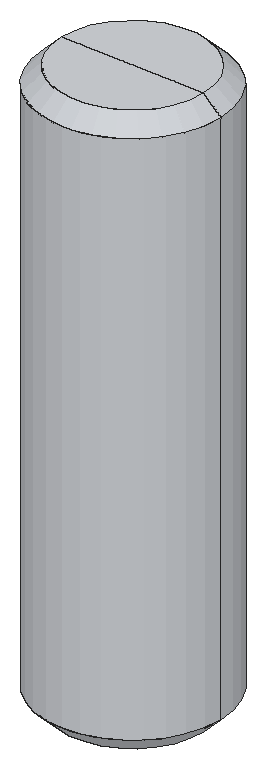
Revit family "RRATR304NIP", category Generic Models, Revit 2018
Family settings
  Can host rebar = No
  Round Connector Dimension = Use Diameter
  Part Type = Normal
  Work Plane-Based = Yes
  Always vertical = No
  Cut with Voids When Loaded = No
  Shared = Yes
  Room Calculation Point = No
Parameters (values of type "RRATR304NIP1/2")
  Ship Complete Level [instance] = ""
  Required Date [instance] = ""
  Radius = 0.250"
  Nipple Length [instance] = 1.625"
  Job [instance] = ""
  Group/Run [instance] = ""
  Description = "Standard All Thread Nipple, 304 1/2 X 1-5/8 Inch long"
  Default Elevation = 48.000"
  Custom [instance] = ""
  Catalog Number = "RRATR304NIP1/2"
  Rod Material = none
  Assembly Name [instance] = ""
  Assembly ID [instance] = ""
Types (2): name | Radius | Description | Catalog Number
  RRATR304NIP3/8 | 0.1875" | "Standard All Thread Nipple, 304 3/8 X 1-1/4 Inch long" | "RRATR304NIP3/8"
  RRATR304NIP1/2 | 0.250" | "Standard All Thread Nipple, 304 1/2 X 1-5/8 Inch long" | "RRATR304NIP1/2"
Reference planes (in)
  plane 1 "Center (Front/Back)": y = 0
  plane 2: z = 0
  plane 3 "Center (Left/Right)": x = 0
  plane 4 "thread end": z = 1.625
  plane 5: x = -0.25
Forms (in)
  Revolve 1, solid, material <- "Rod Material"
    sketch origin (0, 0, 0) x (1, 0, 0) y (0, 0, 1)
      loop
        line (-0.20312, 1.625) -> (-0.25, 1.57813) -> (-0.25, 0.04687) -> (-0.20312, 0) -> (0, 0) -> (0, 1.625) -> (-0.20312, 1.625)
      axis (0, 1.625) -> (0, 0)
    angle from 0 to 360
Dimensions and locks (in)
  "Nipple Length": plane 4 "thread end" to level
  "Radius": plane 3 "Center (Left/Right)" to plane 5
  aligned and locked: plane 2 to level
  aligned and locked: plane 4 "thread end" to Revolve 1 sketch curve
  aligned and locked: Revolve 1 sketch curve to plane 5
Automatic sketch dimensions
  Revolve 1 sketch curve to level = 0.000"
  Revolve 1 sketch curve to plane 3 "Center (Left/Right)" = 0.000"  (x2)
  plane 5 to Revolve 1 sketch curve = 0.04687"
  plane 5 to Revolve 1 sketch curve = 0.04688"
  level to Revolve 1 sketch curve = 0.04687"
  Revolve 1 sketch curve to Revolve 1 sketch curve = 0.13056"
  plane 4 "thread end" to Revolve 1 sketch curve = 0.04687"
  Revolve 1 sketch curve to Revolve 1 sketch curve = 0.70614"
